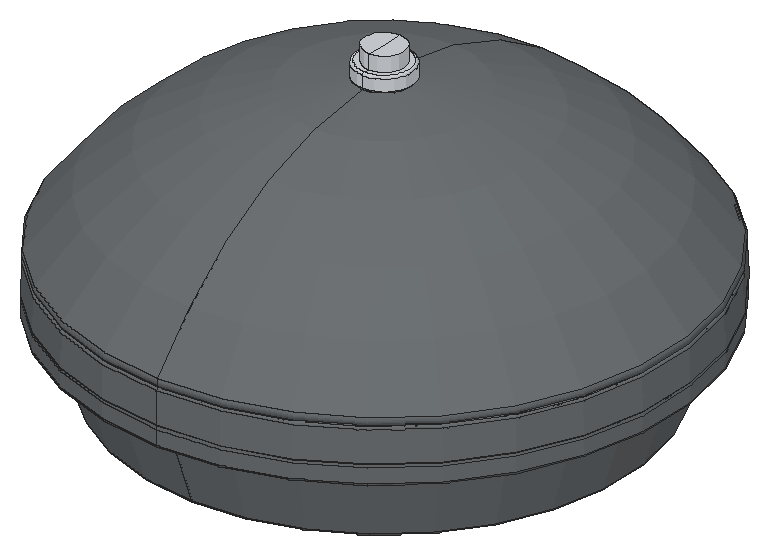
Revit family "Neri_Light 34_SU343L-Pooo", category Apparecchi per illuminazione, Revit 2018
Family settings
  Quota connettore circolare = Usa diametro
  Tipo di parte = Normale
  Numero OmniClass = 23.35.47.11
  Basato su piano di lavoro = No
  Sempre verticale = Sì
  Taglio con vuoti quando caricato = No
  Sorgente d'illuminazione = Sì
  Condiviso = No
  Punto di calcolo locali = No
Parameters (values of type "SU343L_NLG11")
  SDCM = "5 Steps"
  Region North America = "All"
  Screen = "Extra-clear transparent flat glass"
  Overvoltage protection = "4kV/4kV (differential / common mode)"
  Luminaire Classification System = "BUG: B2 U0 G2"
  LOR = "100%"
  Diametre = "1' - 8 7/8\""
  Weight = "27.11 lb"
  Wattage = 50.4908 W
  W = "73"
  Voltage = "120-277 V"
  UniFormat II Description = "Lighting and Branch Wiring"
  UniFormat II Code = "D5020"
  URL = "https://www.nerinorthamerica.com/en/products/lighting/lighting-fixtures/light-34-led-p.aspx?idC=62859&LN=en-US"
  Region South America = "All"
  Region Oceania = "All"
  Region Middle East = "All"
  Region Europe = "All"
  Region Asia = "All"
  Region Africa = "All"
  Produttore = "Neri SpA"
  Product Name = "Light 34 - LED P"
  Product Certification = "UL Standard 1598 (C, US)"
  built-in parameter 1150110 = 1 (stored number, unit not read)
  Painting Steps = "Information about paint steps used in this product in specific technical sheet"
  Painting = "Standard color Dark Grey, type Neri - On demand features - Painting:colour of RAL range"
  Optics = "NLG11"
  Luminous Efficacy = "103 Lm/W"
  Lighting Distribution/Class = "Asymmetric - Roadways - Side road installation (Type II)"
  Immagine tipo = <Nessuno>
  IP = "66"
  Operative Temperature = "-22°F / +104°F"
  OmniClass Description = "Lighting Fixtures"
  OmniClass Code = "23-35 47 11"
  NBS_UniClass2015 Description = "Roadway Lighting Systems"
  NBS_UniClass2015 Code = "Ss_70_80_25_70"
  Modello = "SU343L-P"
  MasterFormat 2016 Description = "Exterior Lighting"
  MasterFormat 2016 Code = "26 56 00"
  Manufacturer Name = "Neri SpA"
  Manufacturer Country = "Italy"
  Lampada = "LED"
  Installation Instructions = ""
  IK = "08"
  Height of Installation = "From 16' to 30'"
  Height = "10 5/8\""
  Frequency = "50-60 Hz"
  File diagramma fotometrico = "SU343L_NLG11.IES"
  built-in parameter 1114217 = 1 (stored number, unit not read)
  built-in parameter 1150109 = 1 (stored number, unit not read)
  Fasteners = "Stainless Steel and Brass"
  Estimated Life = "80.000 h (L85 - Ta 25°C)"
  EAN Code = ""
  Design Country = "Italy"
  Description = ""
  Data Sheet = "https://www.nerinorthamerica.com/supporto/DownloadNeri.ashx?f=SU343LUS.pdf&LN=en-US"
  Control = "COD 02= 1-10V + NCL, COD 06= DALI + NCL, COD 14= NVL6H + NCL"
  Connection = "Suspended installation with threaded tube (G 3/4\")"
  built-in parameter 1150134 = 12
  built-in parameter 1150113 = 1 (stored number, unit not read)
  Lumens = 7500 lm
  built-in parameter 1150115 = 1 (stored number, unit not read)
  built-in parameter 1150105 = 596.83 (stored number, unit not read)
  built-in parameter 1150137 = 1
  built-in parameter 1150139 = (empty or 0)
  built-in parameter 1150112 = 1 (stored number, unit not read)
  built-in parameter 1150114 = 1 (stored number, unit not read)
  built-in parameter 1150132 = 2
  built-in parameter 1150102 = (empty or 0)
  built-in parameter 1150138 = (empty or 0)
  built-in parameter 1150107 = 4000 (stored number, unit not read)
  built-in parameter 1150106 = 5.9683 (stored number, unit not read)
  built-in parameter 1150104 = 13.8 (stored number, unit not read)
  Dimming Lamp Color Temperature Shift = (empty or 0)
  Color Filter = 16777215
  built-in parameter 1114218 = 1 (stored number, unit not read)
  Material Main = Die-Cast and Sheet Aluminum
  Assembly Code = ""
  Class IES = "Full CutOff"
  CRI = ">70"
  EPA = "0.60 ft²"
  Tilt Angle = 90.00°
  built-in parameter 1150133 = 10 (stored number, unit not read)
Types (3, lengths in mm): name | Optics | Lighting Distribution/Class | File diagramma fotometrico
  (no name) | "NLG11" | "Asymmetric - Roadways - Side road installation (Type II)" | "SU343L_NLG11.IES"
  SU343L_NLG11 | "NLG11" | "Asymmetric - Roadways - Side road installation (Type II)" | "SU343L_NLG11.IES"
  SU343L_NLG12 | "NLG12" | "Asymmetric - Roadways with sidewalk (Type III)" | "SU343L_NLG12.IES"
Reference planes
  plane 1 "Asse sorgente illuminazione (F/B)": y = 635.815
  plane 2: z = 0
  plane 3 "Asse sorgente illuminazione (L/R)": x = 41.217
  plane 4 "Prospetto sorgente di illuminazione": z = 5003.089
Forms (mm)
  Revolve 1, solid, material "Die-Cast and Sheet Aluminum" <- "Material Main"
    sketch origin (41.217, 635.815, 3500.589) x (0, 1, 0) y (0, 0, 1)
      loop
        line (0, 1500) -> (219.841, 1500)
        arc (219.841, 1500) -> (222.376, 1500.668) -> (224.252, 1502.5) r 5.141
        line (224.252, 1502.5) -> (247, 1565) -> (263.185, 1565)
        arc (263.185, 1565) -> (264.218, 1565.428) -> (264.645, 1566.461) r 1.461
        line (264.645, 1566.461) -> (264.993, 1580) -> (264.724, 1582.554) -> (264.037, 1583) -> (261.157, 1583)
        arc (261.157, 1583) -> (260.76, 1583.141) -> (260.54, 1583.5) r 0.631
        line (260.54, 1583.5) -> (265.082, 1583.5) -> (264.265, 1611.552)
        arc (264.265, 1611.552) -> (263.695, 1612.931) -> (262.316, 1613.501) r 1.949
        line (262.316, 1613.501) -> (259.198, 1613.501)
        arc (259.198, 1613.501) -> (263.537, 1616.23) -> (263.194, 1621.344) r 5
        arc (263.194, 1621.344) -> (159.554, 1716.661) -> (25, 1758.157) r 319.435
        line (25, 1758.157) -> (0, 1758.157) -> (0, 1500)
      axis (0, 1758.157) -> (0, 1500)
    angle from 0 to 360
  Revolve 2, void
    sketch origin (41.217, 635.815, 3500.589) x (0, 1, 0) y (0, 0, 1)
      loop
        line (0, 1500) -> (216.03, 1500) -> (216.03, 1504.068) -> (0, 1504.068) -> (0, 1500)
      axis (0, 1500) -> (0, 1504.068)
    angle from 0 to 360
  Revolve 3, solid
    sketch origin (41.217, 0, 3533.714) x (0, 1, 0) y (0, 0, 1)
      loop
        line (635.815, 1725.033) -> (635.815, 1751.534) -> (617.815, 1751.534) -> (617.815, 1738.534) -> (612.815, 1738.534)
        arc (612.815, 1738.534) -> (611.4, 1737.948) -> (610.815, 1736.534) r 2
        line (610.815, 1736.534) -> (610.815, 1726.034) -> (614.815, 1726.034) -> (614.815, 1725.033) -> (635.815, 1725.033)
      axis (635.815, 1751.534) -> (635.815, 1725.033)
    angle from 0 to 360
Cuts and joins
  Revolve 2 cuts Revolve 1
Dimensions and locks
  aligned and locked: plane 3 "Asse sorgente illuminazione (L/R)" to imposter light
  aligned and locked: plane 1 "Asse sorgente illuminazione (F/B)" to imposter light
  aligned and locked: plane 4 "Prospetto sorgente di illuminazione" to imposter light
  aligned and locked: level to plane 2
